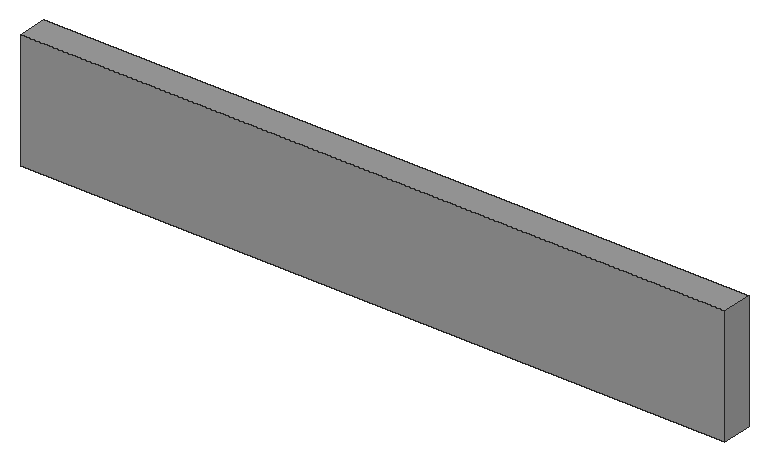
Revit family "Plinthe-Elec", category Modèles génériques, Revit 2019
Family settings
  Peut héberger une armature = Non
  Cote de connecteur circulaire = Utiliser le diamètre
  Type d'élément = Normal
  Couper avec des vides une fois chargée = Oui
  Partagée = Non
  Point de calcul de pièce = Oui
Parameters (values of type "200x50")
  built-in parameter 1001306 [instance] = 1200 mm
  Largeur = 50 mm
  Hauteur = 200 mm
  DOL_Longueur = 1200 mm
Types (2, lengths in mm): name | Hauteur
  200x50 | 200
  100x50 | 100
Reference planes
  plane 1 "Centre (avant/arrière)": y = 0
  plane 2: z = 0
  plane 3 "Gauche": x = 0
  plane 4 "Droite": x = 1200
  plane 5: y = 50
  plane 6: z = 200
Forms (mm)
  Extrusion 1, solid, material "Par défaut"
    sketch origin (0, 0, 0) x (1, 0, 0) y (0, 1, 0)
      loop
        line (0, 0) -> (1200, 0) -> (1200, 50) -> (0, 50) -> (0, 0)
    from 0 to 200
Lines and regions (mm)
  reference lines
    curve 1: line (0, 0, 0) -> (1200, 0, 0)
Dimensions and locks
  "built-in parameter 1001306": plane 3 "Gauche" to plane 4 "Droite"
  "Largeur": plane 5 to plane 1 "Centre (avant/arrière)"
  "Hauteur": plane 6 to plane 2
  aligned and locked: plane 4 "Droite" to curve 1
  aligned and locked: plane 1 "Centre (avant/arrière)" to curve 1
  aligned and locked: plane 3 "Gauche" to curve 1
  aligned and locked: level to plane 2
  aligned and locked: Extrusion 1 to plane 3 "Gauche"
  aligned and locked: Extrusion 1 to curve 1
  aligned and locked: plane 2 to Extrusion 1
  aligned and locked: plane 1 "Centre (avant/arrière)" to Extrusion 1
  aligned and locked: plane 5 to Extrusion 1
  aligned and locked: plane 6 to Extrusion 1
Automatic sketch dimensions
  Extrusion 1 sketch curve to plane 3 "Gauche" = 0 mm
  plane 1 "Centre (avant/arrière)" to Extrusion 1 sketch curve = 0 mm
  Extrusion 1 sketch curve to plane 4 "Droite" = 0 mm
  plane 5 to Extrusion 1 sketch curve = 0 mm
